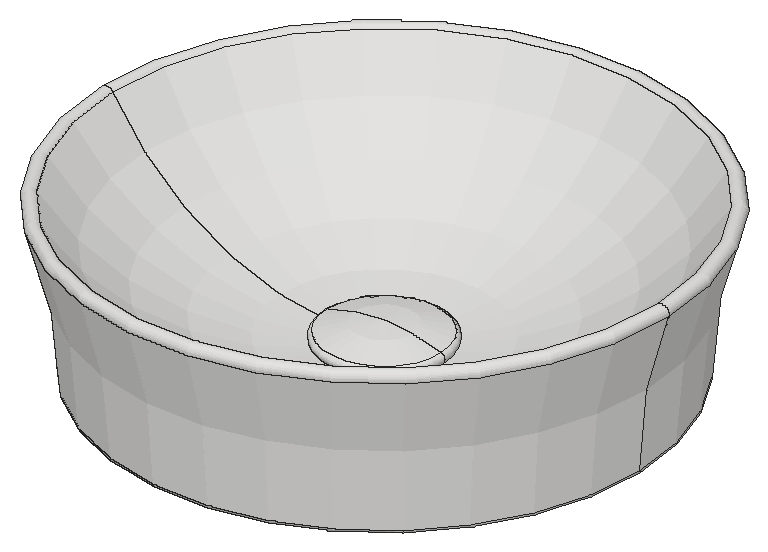
Revit family "Sink-Vessel_Lavatory-KOHLER-Kensho-K-8324", category Plumbing Fixtures, host Face, Revit 2015
Parameters (values of type "CS6-Biancone")
  Width = 16"  # constant formula
  Waste Water Outlet = "Waste Water Outlet"  # constant formula
  Waste Connection = 1 = 1  # yes
  Vent Connection = 1 = 0  # no
  URL = "https://www.us.kohler.com/us/"
  Type = 1
  Product Page URL = "http://www.us.kohler.com/us/catalog/productDetails.jsp?productNumber=8324"
  Product Name = "Kensho"  # constant formula
  Product Documentation Link = "http://www.us.kohler.com/onlinecatalog/pdf/K-8324_spec.pdf"
  Model = if(Type = 1, "K-8324-CS6", if(Type = 2, "K-8324-CS7", "NA"))  # "K-8324-CS6"
  Material = if(Type = 1, "Biancone Marble From Italy", if(Type = 2, "Grey Foussana Limestone From Tunisia", "NA"))  # "Biancone Marble From Italy"
  MasterFormat 2004 = "22.41.16"  # constant formula
  MasterFormat 1995 = "15410"  # constant formula
  Manufacturer Address = "444 Highland Dr, Kohler, WI 53044"  # constant formula
  Manufacturer = "KOHLER Co."  # constant formula
  Length = 16"  # constant formula
  Hot Water Inlet = "Hot Water Inlet"  # constant formula
  Height = 4 1/2"  # constant formula
  HW Connection = 1 = 0  # no
  Finish = Kohler-Stone-CS6-Biancone
  Environmental Product Declaration = ""
  Drain Included = 1 = 0  # no
  Description = "Round vessel bathroom sink"  # constant formula
  Default Elevation = 36"
  Declare Label = ""
  Date Modified = "01/15/2019"  # constant formula
  Date Created = "01/15/2019"  # constant formula
  Copyright = "Copyright KOHLER Co."  # constant formula
  Contact Us = "https://www.us.kohler.com/us/static/contact.jsp"
  Cold Water Inlet = "Cold Water Inlet"  # constant formula
  CW Connection = 1 = 0  # no
  Assembly Code = "D2010400"
  ADA Compliant = 1 = 0  # no
Types (3): name | Type | Model | Material | Finish
  (no name) | 1 | "K-8324-CS6" | "Biancone Marble From Italy" | Kohler-Stone-CS6-Biancone
  CS6-Biancone | 1 | "K-8324-CS6" | "Biancone Marble From Italy" | Kohler-Stone-CS6-Biancone
  CS7-Grey Foussana | 2 | "K-8324-CS7" | "Grey Foussana Limestone From Tunisia" | Kohler-Stone-CS7-Grey_Foussana
Reference planes (in)
  plane 1 "Center (Front/Back)": y = 0
  plane 2: z = 0
  plane 3 "Center (Left/Right)": x = 0
  plane 4: y = 8
  plane 5: y = -8
  plane 6: x = -8
  plane 7: x = 8
  plane 8: z = 4.5
Dimensions and locks (in)
  "Length": plane 5 to plane 4
  "Width": plane 6 to plane 7
  "Height": plane 8 to plane 2
  aligned and locked: plane 2 to host face
  aligned and locked: level to host face
Automatic sketch dimensions
  host sketch curve to host sketch curve = 96"  (x2)
Nested families (in)
  nested 1: "K-8324" at (0, 0, 0), type "K-8324"
Connectors (in)
  piping at (0, 0, 0.12128), diameter 1.25, driven by "Waste Connection", driven by "Waste Water Outlet"
    settings: on nested 1, index 1, connector inside diameter 24", connector length 0", flow factor 0, pipe flow 0 GPM, pressure drop 0.00 psi, fitting loss kfactor 0, connector angle 0.00°, fixture units 0, engagement length 0", angle of deflection 0.00°, flow configuration 0, flow direction 2, fitting loss method 0, system type 16, joint type 0, gender type 0, connector reference index -1, connector utility 1, adjustable connector no, is connector primary yes, connector description "Waste Water Outlet"
Definition of nested family "K-8324"
  Parameters (values of type "K-8324")
    Material = none
  Reference planes (in)
    plane 1 "Center (Front/Back)": y = 0
    plane 2: z = 0
    plane 3 "Center (Left/Right)": x = 0
    plane 4: y = 8
    plane 5: y = -8
    plane 6: x = -8
    plane 7: x = 8
    plane 8: z = 4.5
  Forms (in)
    Revolve 1, solid, material <- "Material", detail levels medium+fine
      sketch origin (0, 0, 0) x (1, 0, 0) y (0, 0, 1)
        loop
          line (-7.10531, 0) -> (0, 0) -> (0, 0.12128) -> (-0.87494, 0.12128) -> (-0.87494, 0.31078)
          arc (-0.87494, 0.31078) -> (-0.88673, 0.37005) -> (-0.9203, 0.42029) r 0.15488
          line (-0.9203, 0.42029) -> (-1.11452, 0.61451)
          arc (-1.11452, 0.61451) -> (-1.26942, 0.72053) -> (-1.45219, 0.76329) r 0.5097
          arc (-1.45219, 0.76329) -> (-4.99836, 1.81573) -> (-7.63774, 4.40736) r 7.65935
          arc (-7.63774, 4.40736) -> (-7.89093, 4.47966) -> (-7.98488, 4.23368) r 0.19482
          arc (-7.98488, 4.23368) -> (-7.39125, 2.19549) -> (-7.18785, 0.08236) r 11.34123
          arc (-7.18785, 0.08236) -> (-7.16361, 0.02411) -> (-7.10531, 0) r 0.08255
        axis (0, 4.40736) -> (0, 0)
      angle from 0 to 360
    Revolve 2, solid, material <- "Material", detail levels medium+fine
      sketch origin (0, 0, 0) x (1, 0, 0) y (0, 0, 1)
        loop
          line (-0.75, 0.79315) -> (-0.75, 0.12128) -> (0, 0.12128) -> (0, 1.35565)
          arc (0, 1.35565) -> (-0.80725, 1.28584) -> (-1.59052, 1.07848) r 4.70208
          arc (-1.59052, 1.07848) -> (-1.68561, 0.91491) -> (-1.5408, 0.79315) r 0.147
          line (-1.5408, 0.79315) -> (-0.75, 0.79315)
        axis (0, 1.35565) -> (0, 0.12128)
      angle from 0 to 360
    Revolve 3, solid, material <- "Material", detail levels coarse
      sketch origin (0, 0, 0) x (1, 0, 0) y (0, 0, 1)
        loop
          arc (0, 0.63084) -> (-4.28728, 1.65313) -> (-7.65196, 4.5) r 9.50116
          line (-7.65196, 4.5) -> (-8, 4.5) -> (-7.10612, 0) -> (0, 0) -> (0, 0.63084)
        axis (0, 4.5) -> (0, 0)
      angle from 0 to 360
  Lines and regions (in)
    Masking region 1
      outline origin (0, 0, 0) x (1, 0, 0) y (0, 0, 1)
        loop
          line (-7.10673, 0) -> (7.10673, 0)
          arc (7.10673, 0) -> (7.16503, 0.02411) -> (7.18928, 0.08236) r 0.08255
          arc (7.18928, 0.08236) -> (7.39267, 2.19549) -> (7.98631, 4.23368) r 11.34123
          arc (7.98631, 4.23368) -> (7.96902, 4.41084) -> (7.81495, 4.5) r 0.19482
          line (7.81495, 4.5) -> (-7.81495, 4.5)
          arc (-7.81495, 4.5) -> (-7.96902, 4.41084) -> (-7.98631, 4.23368) r 0.19482
          arc (-7.98631, 4.23368) -> (-7.39267, 2.19549) -> (-7.18928, 0.08236) r 11.34123
          arc (-7.18928, 0.08236) -> (-7.16503, 0.02411) -> (-7.10673, 0) r 0.08255
    Masking region 2
      outline origin (0, 0, 0) x (0, 1, 0) y (0, 0, 1)
        loop
          arc (7.10673, 0) -> (7.16503, 0.02411) -> (7.18928, 0.08236) r 0.08255
          arc (7.18928, 0.08236) -> (7.39267, 2.19549) -> (7.98631, 4.23368) r 11.34123
          arc (7.98631, 4.23368) -> (7.96902, 4.41084) -> (7.81495, 4.5) r 0.19482
          line (7.81495, 4.5) -> (-7.81495, 4.5)
          arc (-7.81495, 4.5) -> (-7.96902, 4.41084) -> (-7.98631, 4.23368) r 0.19482
          arc (-7.98631, 4.23368) -> (-7.39267, 2.19549) -> (-7.18928, 0.08236) r 11.34123
          arc (-7.18928, 0.08236) -> (-7.16503, 0.02411) -> (-7.10673, 0) r 0.08255
          line (-7.10673, 0) -> (7.10673, 0)
    Masking region 3
      outline origin (0, 0, 0) x (1, 0, 0) y (0, 1, 0)
        loop
          circle (0, 0) r 8
    symbolic lines, detail levels medium+fine
      curve 1: circle (0, 0, 0) r 1.6875 normal (0, 0, 1)
  Dimensions and locks (in)
    plane 5 to plane 4 = 16"
    plane 6 to plane 7 = 16"
    plane 8 to plane 2 = 4 1/2"
    aligned and locked: plane 2 to level
